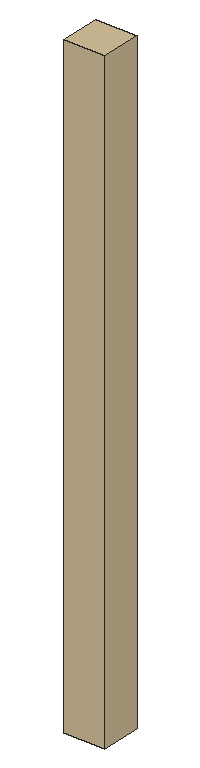
Revit family "Column-Roseburg-RigidLam_LVL", category Structural Columns, Revit 2026
Family settings
  Section Shape = Not Defined
  Material for Model Behavior = Wood
  Always export as geometry = No
  Beam cutback in plan = From bounding box
  Classification Number = 23.25.30.11.14.11
  Cut with Voids When Loaded = No
  Symbolic Representation = From Project Settings
  Shared = No
  Show family pre-cut in plan views = Yes
Parameters (values of type "7" x 7"")
  URL = "https://www.roseburg.com/engineered-wood/rigidlam-lvl/"
  Testing Data = "See ESR1210"
  Structural Material = Engineered Wood - Roseburg - Plywood LVL
  Specification [instance] = "https://www.arcat.com/company/roseburg-43520/spec"
  Series = "RigidLam"
  Product Data [instance] = "https://www.arcat.com/arcatcos/cos43/arc43520.html"
  Model = "7\" x 7\""
  Material = "Plywood LVL"
  Manufacturer = "Roseburg"
  Length = "60"
  Keynote = "06 40 00"
  Installation Guide = "https://www.arcat.com/company/roseburg-43520-roseburg/catalog-viewer/framing-system-installation-guide-9235/1"
  Green Building-LEED [instance] = "https://www.arcat.com/company/roseburg-43520/leed"
  EWP Application Chart = "https://www.arcat.com/bim/roseburg/Roseburg-EWP-Application-Charts.xlsx"
  Description = "RigidLam LVL Column - 7\" x 7\""
  Construction Details [instance] = "https://www.arcat.com/downloads/roseburg-43520-roseburg/cad/Q:lvl"
  Building Codes = "See PR-L289 & PR-L289C"
  Assembly Code = "B10"
  b = 0' - 7"
  d = 0' - 7"
  Application Chart = "https://www.roseburg.com/resources/choose-the-right-mdf-for-your-next-job/"
Types (6): name | Model | Description | b | d
  3-1/2" x 3-1/2" | "3-1/2\" x 3-1/2\"" | "RigidLam LVL Column - 3-1/2\" x 3-1/2\"" | 0' - 3 1/2" | 0' - 3 1/2"
  3-1/2" x 5-1/4" | "3-1/2\" x 5-1/4\"" | "RigidLam LVL Column - 3-1/2\" x 5-1/4\"" | 0' - 3 1/2" | 0' - 5 1/4"
  3-1/2" x 7" | "3-1/2\" x 7\"" | "RigidLam LVL Column - 3-1/2\" x 7\"" | 0' - 3 1/2" | 0' - 7"
  5-1/4" x 5-1/4" | "5-1/4\" x 5-1/4\"" | "RigidLam LVL Column - 5-1/4\" x 5-1/4\"" | 0' - 5 1/4" | 0' - 5 1/4"
  5-1/4" x 7" | "5-1/4\" x 7\"" | "RigidLam LVL Column - 5-1/4\" x 7\"" | 0' - 5 1/4" | 0' - 7"
  7" x 7" | "7\" x 7\"" | "RigidLam LVL Column - 7\" x 7\"" | 0' - 7" | 0' - 7"
Reference planes (in)
  plane 1 "Center (Front/Back)": y = 0
  plane 2: z = 0
  plane 3 "Center (Left/Right)": x = 0
  plane 4: x = -3.5
  plane 5: x = 3.5
  plane 6: y = 3.5
  plane 7: y = -3.5
Forms (in)
  Extrusion 1, solid, material "Engineered Wood - Roseburg - Plywood LVL" <- "Structural Material", detail levels medium+fine
    sketch origin (0, 0, 0) x (1, 0, 0) y (0, 1, 0)
      loop
        line (-3.5, 3.5) -> (-3.5, -3.5) -> (3.5, -3.5) -> (3.5, 3.5) -> (-3.5, 3.5)
    from 0 to 108
Lines and regions (in)
  symbolic lines, style "StructuralColumnStickSymbols", detail levels coarse
    curve 1: line (-3.5, 3.5, 0) -> (3.5, 3.5, 0)
    curve 2: line (-3.5, -3.5, 0) -> (3.5, -3.5, 0)
    curve 3: line (-3.5, 3.5, 0) -> (-3.5, -3.5, 0)
    curve 4: line (3.5, 3.5, 0) -> (3.5, -3.5, 0)
Dimensions and locks (in)
  equal spacing: plane 4, plane 3 "Center (Left/Right)", plane 5
  equal spacing: plane 7, plane 1 "Center (Front/Back)", plane 6
  "d": plane 7 to plane 6
  "b": plane 4 to plane 5
  aligned and locked: plane 6 to Extrusion 1 sketch curve
  aligned and locked: Extrusion 1 sketch curve to plane 7
  aligned and locked: Extrusion 1 sketch curve to plane 4
  aligned and locked: plane 5 to Extrusion 1 sketch curve
  aligned and locked: level to Extrusion 1
  aligned and locked: level to plane 2
  aligned and locked: Extrusion 1 to plane 2
Automatic sketch dimensions
  curve 3 to plane 4 = 0' - 0"
  curve 4 to plane 5 = 0' - 0"
  curve 3 to plane 7 = 0' - 0"
  curve 3 to plane 6 = 0' - 0"
